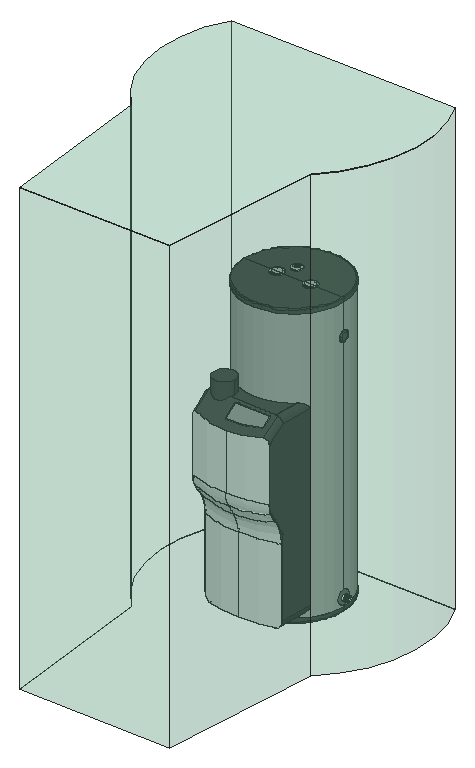
Revit family "Innovo BEFR_IR 32 245 BEFR LP", category Mechanical Equipment, Revit 2015
Parameters (values of type "IR-32-245 BEFR LP")
  largeur d'emballage = 786 mm  # constant formula
  l'Intervalle d'Entretien = "12 mois"  # constant formula
  Workspace Radius = Diameter + 170 mm  # 780 mm
  Workspace Height = Hauteur + 1000 mm  # 2745 mm
  Workspace Front Distance = 1000 mm
  Workspace [instance] = yes
  Valve Height 02 = if(and(Hauteur = 1745 mm, Diameter = 675 mm), 1518 mm, if(and(Hauteur = 1745 mm, Diameter = 610 mm), 1534 mm, if(Hauteur = 1545 mm, 1328 mm, 1070 mm)))  # 1534 mm
  Valve Height 01 = if(and(Diameter > 560 mm), 693 mm, 604 mm)  # 693 mm
  Valeur Maximale du Thermostat de Régulation = 85 °C  # constant formula
  Valeur Manimale du Thermostat de Régulation = 40 °C  # constant formula
  Valeur Défaut du Thermostat de Régulation = 65 °C  # constant formula
  URL = "www.aosmith.be"
  Type d'Installation = "B23/C13/C33/C43/C53/C63"  # constant formula
  Type d'emballage = "Carton et bois"  # constant formula
  Tension d'Alimentation (-15%, +10%) = 230 V  # constant formula
  Température Maximale des Fumées = 57 °C
  Temps de réchauffement à ΔT = 70°C = "49"
  Temps de réchauffement à ΔT = 55°C = "39"
  Temps de réchauffement à ΔT = 50°C = "35"
  Temps de réchauffement à ΔT = 44°C = "31"
  Temps de réchauffement à ΔT = 28°C = "20"
  Spécifications du Produit = ""
  Réglages du thermostat du chauffe-eau = 65 °C  # constant formula
  Réglage Standard Pour = "G31"
  Rendement Saisonnier (Hs) = [Rendement (Hs, acc. NEN-EN 89 - 1999)]  # 97
  Rendement (Hs, acc. NEN-EN 89 - 1999) = 97
  Rendement (Hi, acc. NEN-EN 89 - 1999) = 108
  Raccord Évacuation de la Condensation = 40 mm  # constant formula
  Raccord de la Soupape de Vidange = 1"
  Raccord de Sortie d'Eau Chaude = 1"
  Raccord de Gaz = 15"  # constant formula
  Raccord d'Alimentation en Eau Froide = 3/4"  # constant formula
  Raccord Robinet de Vidange = 3/4"  # constant formula
  Puissance Électrique Absorbée (sommet) = 105 W
  Puissance Électrique Absorbée (nominal) = 51 W
  Profondeur d'emballage = 946 mm  # constant formula
  Profondeur = 780 mm  # constant formula
  Profils de soutirage déclaré = "XXL"
  Production Nominale = "23300.0"
  Pression de Fonctionnement Maximale = 800000.0 Pa  # constant formula
  Pression Différentielle d'Ouverture de l'Interrupteur de Pression < = 210.0 Pa
  Pression Amont de Gaz = "3700 Pa"
  Precaustions during assembling, installation or maintenance = "voir Manuel d'installation, d'emploi er d'entretien"  # constant formula
  Poids à vide = 136 kg
  Poids de Transport = 153 kg
  Phase = 1
  Pertes en Veille - tous les jours (24h) = 0 W
  Pertes en Veille = 0 W
  Nombre de modèle du produit (EAN) = "8717449286200"
  Niveau du Son dB (A) = "<45"  # constant formula
  Niveau de puissance acoustique à l'intérieur = "53 dB"
  NOx-émissions mg/kWh = "33"
  NOx-émissions (ven air, 0% O2) ppm = "20"
  Modèdele = "IR-24-285"
  Model = "IR-24-285 FR LP"
  Marque commerciale = "A.O. Smith"  # constant formula
  Manufacturer = "A.O. Smith Water Products Company b.v."  # constant formula
  Largeur = Diameter  # 610 mm
  La commande intelligente = no
  L'efficacité énergétique pour le chauffage de l'eau (2) = "-"
  L'efficacité énergétique pour le chauffage de l'eau (1) = "91%"
  Hauteur du Raccordement au Gaz = 920 mm
  Hauteur de la Sortie d'eau Chaude = 1745 mm
  Hauteur de l'Alimentation en eau Froide = 170 mm
  Hauteur d'emballage = 1895 mm
  Hauteur Conduit d'Évacuation des Fumées = 1350 mm
  Hauteur Conduit d'Alimentation en Air = 1350 mm
  Hauteur = 1745 mm
  Guide de Produit = ""
  Garantie sur la Cuve = "36 mois"  # constant formula
  Garantie Pièces = "12 mois"  # constant formula
  Fréquence secteur = 50 Hz  # constant formula
  Forctionner qu'en heures creuses = no
  Fabricant No. = "E 7110"  # constant formula
  Epaisseur d'Isolation = 44 mm
  Débit de vidage à ΔT = 70°C après 90 min. = 630.0 L
  Débit de vidage à ΔT = 70°C après 60 min. = 490.0 L
  Débit de vidage à ΔT = 70°C après 30 min. = 340.0 L
  Débit de vidage à ΔT = 70°C après 120 min. = 780.0 L
  Débit de vidage à ΔT = 55°C après 90 min. = 830.0 L
  Débit de vidage à ΔT = 55°C après 60 min. = 650.0 L
  Débit de vidage à ΔT = 55°C après 30 min. = 460.0 L
  Débit de vidage à ΔT = 55°C après 120 min. = 1100.0 L
  Débit de vidage à ΔT = 50°C après 90 min. = 920.0 L
  Débit de vidage à ΔT = 50°C après 60 min. = 720.0 L
  Débit de vidage à ΔT = 50°C après 30 min. = 510.0 L
  Débit de vidage à ΔT = 50°C après 120 min. = 1200.0 L
  Débit de vidage à ΔT = 44°C après 90 min. = 1100.0 L
  Débit de vidage à ΔT = 44°C après 60 min. = 820.0 L
  Débit de vidage à ΔT = 44°C après 30 min. = 590.0 L
  Débit de vidage à ΔT = 44°C après 120 min. = 1300.0 L
  Débit de vidage à ΔT = 28°C après 90 min. = 1700.0 L
  Débit de vidage à ΔT = 28°C après 60 min. = 1400.0 L
  Débit de vidage à ΔT = 28°C après 30 min. = 960.0 L
  Débit de vidage à ΔT = 28°C après 120 min. = 2100.0 L
  Débit de vidage en Continu à ΔT = 70°C = 290.0 L/s
  Débit de vidage en Continu à ΔT = 55°C = 370.0 L/s
  Débit de vidage en Continu à ΔT = 50°C = 410.0 L/s
  Débit de vidage en Continu à ΔT = 44°C = 460.0 L/s
  Débit de vidage en Continu à ΔT = 28°C = 740.0 L/s
  Diamètre Cheminée - Système Parallèle = "2x80"  # constant formula
  Diamètre Cheminée - Système Concentrique = "80/125 mm/mm"  # constant formula
  Diamètre Cheminée - Boiler = "80/125 mm/mm"  # constant formula
  Diameter = 610 mm
  Destination / Country = "Belgique"  # constant formula
  Description = "Préparateur ECS Solaire en Combinaison avec Réservoir de Stockage"  # constant formula
  D'autres profils de soutirage = "-"
  Created By = "http://www.cadcompany.nl/"
  Consommation de Gaz - Volume ltr/hr = "a/p"
  Consommation de Gaz - Masse kg/h = "1.7"
  Class d'efficacité énergétique (2) = "-"
  Class d'efficacité énergétique (1) = "A"  # constant formula
  Charge Nominale (Valeur Supérieure) = "23900.0"
  Charge Nominale (Valeur Inférieure) = "22000.0"
  Charge Maximale au Sol = 438 kg
  Catégorie de Gaz = "I3P"
  Capacité = 285.0 L
  CO2 Émissions (tol. +/- 1.0) vol% = "10.0"
  CE-PIN = "0063CQ3037"  # constant formula
  BIM Content Developer = "CAD & Company"  # constant formula
  Assembly Code = "D3010"
  Annual fuel consumption (2) = "-"
  Annual fuel consumption (1) = "21 GJ GCV"
  Annual electricity consumption (2) = "-"
  Annual electricity consumption (1) = "45 kWh"
  2ème Entretien (Entretien Général) = "12 mois après l'installation"  # constant formula
  1er Entretien (check-up) = "3 mois après l'installation"  # constant formula
Reference planes
  plane 1 "Center (Front/Back)": y = 0
  plane 2: z = 0
  plane 3 "Center (Left/Right)": x = 0
  plane 4 "Pipe": through (-383.901, 912.349, 194.799) normal (-0.0879, -0.0879, 0.9923)
  plane 5 "footing": y = 118.925
  plane 6 "footing front": y = -237.85
  plane 7: x = -305
  plane 8: x = 305
  plane 9: z = 1745
Forms (mm)
  Revolve 1, solid, material "RAL 9005", detail levels medium+fine
    sketch origin (0, -237.85, 0) x (-1, 0, 0) y (0, 0, 1)
      loop
        line (0, 28.9) -> (-15, 28.9) -> (-15, 26.4) -> (-8.671, 26.4) -> (-8.671, 18) -> (-5.686, 18) -> (-6.626, 17.06) -> (-6.626, 12.06) -> (-8.671, 12.06) -> (-8.671, 10) -> (-10.031, 10) -> (-23.271, 5.181)
        arc (-23.271, 5.181) -> (-23.763, 4.836) -> (-24.017, 4.293) r 1.159
        line (-24.017, 4.293) -> (-24.017, 1.03)
        arc (-24.017, 1.03) -> (-23.715, 0.302) -> (-22.986, 0) r 1.03
        line (-22.986, 0) -> (0, 0) -> (0, 28.9)
      axis (0, 28.9) -> (0, 0)
    angle from 0 to 360
  Revolve 2, solid, material "RAL 9005", detail levels medium+fine
    sketch origin (0, 118.925, 0) x (-1, 0, 0) y (0, 0, 1)
      loop
        line (-205.984, 28.9) -> (-220.984, 28.9) -> (-220.984, 26.4) -> (-214.655, 26.4) -> (-214.655, 18) -> (-211.67, 18) -> (-212.61, 17.06) -> (-212.61, 12.06) -> (-214.655, 12.06) -> (-214.655, 10) -> (-216.015, 10) -> (-229.256, 5.181)
        arc (-229.256, 5.181) -> (-229.747, 4.836) -> (-230.001, 4.293) r 1.159
        line (-230.001, 4.293) -> (-230.001, 1.03)
        arc (-230.001, 1.03) -> (-229.699, 0.302) -> (-228.971, 0) r 1.03
        line (-228.971, 0) -> (-205.984, 0) -> (-205.984, 28.9)
      axis (-205.984, 28.9) -> (-205.984, 0)
    angle from 0 to 360
  Revolve 3, solid, material "RAL 9005", detail levels medium+fine
    sketch origin (0, 118.925, 0) x (-1, 0, 0) y (0, 0, 1)
      loop
        line (204.016, 28.9) -> (189.016, 28.9) -> (189.016, 26.4) -> (195.345, 26.4) -> (195.345, 18) -> (198.33, 18) -> (197.39, 17.06) -> (197.39, 12.06) -> (195.345, 12.06) -> (195.345, 10) -> (193.985, 10) -> (180.744, 5.181)
        arc (180.744, 5.181) -> (180.253, 4.836) -> (179.999, 4.293) r 1.159
        line (179.999, 4.293) -> (179.999, 1.03)
        arc (179.999, 1.03) -> (180.301, 0.302) -> (181.029, 0) r 1.03
        line (181.029, 0) -> (204.016, 0) -> (204.016, 28.9)
      axis (204.016, 28.9) -> (204.016, 0)
    angle from 0 to 360
Lines and regions (mm)
  symbolic lines
    curve 1: line (0, 280.06, 0) -> (0, -280.06, 0)
    curve 2: line (-280.06, 0, 0) -> (280.06, 0, 0)
  symbolic lines, style "Workspace"
    curve 3: line (681.142, 380.06, 0) -> (-681.142, 380.06, 0)
    curve 4: arc (-681.142, 380.06, 0) -> (-777.325, -64.546, 0) -> (-609.127, -487.2, 0) r 780
    curve 5: line (-609.127, -487.2, 0) -> (-421.783, -1517.825, 0)
    curve 6: line (-421.783, -1517.825, 0) -> (424.03, -1517.825, 0)
    curve 7: line (424.03, -1517.825, 0) -> (611.027, -484.816, 0)
    curve 8: arc (611.027, -484.816, 0) -> (777.449, -63.027, 0) -> (681.142, 380.06, 0) r 780
Dimensions and locks
  plane 5 "footing" to plane 1 "Center (Front/Back)" = 118.925 mm
  plane 1 "Center (Front/Back)" to plane 6 "footing front" = 237.85 mm
  "Diameter": plane 7 to plane 8
  equal spacing: plane 7, plane 3 "Center (Left/Right)", plane 8
  "Hauteur": plane 9 to plane 2
  "Workspace Front Distance": curve 6 to nested 3
  "Workspace Radius": radius of curve 4
  "Workspace Radius": radius of curve 8
  aligned and locked: level to plane 2
  aligned and locked: nested 3 to Revolve 1 sketch curve
  aligned and locked: plane 3 "Center (Left/Right)" to Revolve 1 sketch curve
  aligned and locked: nested 3 to plane 1 "Center (Front/Back)"
  aligned and locked: plane 3 "Center (Left/Right)" to nested 3
  aligned and locked: nested 1 to plane 8
  aligned and locked: nested 5 to plane 8
  aligned and locked: nested 2 to plane 7
  aligned and locked: nested 4 to plane 7
  aligned and locked: nested 7 to plane 7
  aligned and locked: nested 8 to plane 3 "Center (Left/Right)"
  aligned and locked: plane 1 "Center (Front/Back)" to nested 8
  aligned and locked: nested 8 to nested 3
  aligned and locked: curve 3 to nested 8
Automatic sketch dimensions
  Revolve 1 sketch curve to level = 0 mm
  plane 3 "Center (Left/Right)" to Revolve 1 sketch curve = 5.686 mm
  Revolve 1 sketch curve to Revolve 1 sketch curve = 0.94 mm  (x2)
  Revolve 1 sketch curve to Revolve 1 sketch curve = 2.046 mm  (x2)
  Revolve 1 sketch curve to Revolve 1 sketch curve = 1.359 mm
  Revolve 1 sketch curve to Revolve 1 sketch curve = 6.329 mm
  level to Revolve 1 sketch curve = 4.091 mm
  Revolve 1 sketch curve to Revolve 1 sketch curve = 12.844 mm
  level to Revolve 1 sketch curve = 1.03 mm
  Revolve 1 sketch curve to Revolve 1 sketch curve = 0.111 mm
  level to Revolve 1 sketch curve = 5.181 mm
  Revolve 1 sketch curve to Revolve 1 sketch curve = 0.745 mm
  level to Revolve 1 sketch curve = 10 mm
  Revolve 1 sketch curve to Revolve 1 sketch curve = 2.06 mm
  Revolve 1 sketch curve to Revolve 1 sketch curve = 5 mm
  Revolve 1 sketch curve to Revolve 1 sketch curve = 8.4 mm
  Revolve 1 sketch curve to Revolve 1 sketch curve = 2.5 mm
  Revolve 1 sketch curve to level = 19.635 mm
  Revolve 1 sketch curve to Revolve 1 sketch curve = 46.465 mm
  Revolve 2 sketch curve to level = 0 mm
  level to Revolve 2 sketch curve = 1.03 mm
  Revolve 2 sketch curve to plane 8 = 74.999 mm
  level to Revolve 2 sketch curve = 5.181 mm
  Revolve 2 sketch curve to Revolve 2 sketch curve = 0.745 mm
  Revolve 2 sketch curve to Revolve 2 sketch curve = 0.397 mm
  Revolve 2 sketch curve to Revolve 2 sketch curve = 8.271 mm
  Revolve 2 sketch curve to Revolve 2 sketch curve = 13.241 mm
  Revolve 2 sketch curve to Revolve 2 sketch curve = 1.359 mm
  Revolve 2 sketch curve to Revolve 2 sketch curve = 6.329 mm
  Revolve 2 sketch curve to Revolve 2 sketch curve = 2.046 mm
  level to Revolve 2 sketch curve = 18 mm
  Revolve 2 sketch curve to Revolve 2 sketch curve = 0.94 mm  (x2)
  Revolve 2 sketch curve to Revolve 2 sketch curve = 8.671 mm
  Revolve 2 sketch curve to Revolve 2 sketch curve = 1.089 mm
  Revolve 2 sketch curve to Revolve 2 sketch curve = 8 mm
  Revolve 2 sketch curve to Revolve 2 sketch curve = 2.06 mm
  Revolve 2 sketch curve to Revolve 2 sketch curve = 8.4 mm
  Revolve 2 sketch curve to Revolve 2 sketch curve = 2.5 mm
  Revolve 2 sketch curve to Revolve 2 sketch curve = 0 mm
  Revolve 2 sketch curve to level = 19.635 mm
  Revolve 2 sketch curve to Revolve 2 sketch curve = 46.465 mm
  Revolve 3 sketch curve to level = 0 mm
  level to Revolve 3 sketch curve = 1.03 mm
  Revolve 3 sketch curve to plane 7 = 125.001 mm
  level to Revolve 3 sketch curve = 5.181 mm
  Revolve 3 sketch curve to Revolve 3 sketch curve = 0.745 mm
  Revolve 3 sketch curve to Revolve 3 sketch curve = 0.397 mm
  Revolve 3 sketch curve to Revolve 3 sketch curve = 8.271 mm
  Revolve 3 sketch curve to Revolve 3 sketch curve = 13.241 mm
  Revolve 3 sketch curve to Revolve 3 sketch curve = 1.359 mm
  Revolve 3 sketch curve to Revolve 3 sketch curve = 6.329 mm
  Revolve 3 sketch curve to Revolve 3 sketch curve = 2.046 mm
  level to Revolve 3 sketch curve = 18 mm
  Revolve 3 sketch curve to Revolve 3 sketch curve = 0.94 mm  (x2)
  Revolve 3 sketch curve to Revolve 3 sketch curve = 8.671 mm
  Revolve 3 sketch curve to Revolve 3 sketch curve = 1.089 mm
  Revolve 3 sketch curve to Revolve 3 sketch curve = 8 mm
  Revolve 3 sketch curve to Revolve 3 sketch curve = 2.06 mm
  Revolve 3 sketch curve to Revolve 3 sketch curve = 8.4 mm
  Revolve 3 sketch curve to Revolve 3 sketch curve = 2.5 mm
  Revolve 3 sketch curve to Revolve 3 sketch curve = 0 mm
  Revolve 3 sketch curve to level = 19.635 mm
  Revolve 3 sketch curve to Revolve 3 sketch curve = 46.465 mm
  curve 4 to curve 8 = 0 mm  (x2)
  plane 1 "Center (Front/Back)" to curve 2 = 0 mm
  curve 1 to plane 3 "Center (Left/Right)" = 0 mm
  plane 1 "Center (Front/Back)" to curve 4 = 0 mm
  curve 4 to plane 3 "Center (Left/Right)" = 0 mm
  curve 5 to plane 6 "footing front" = 249.35 mm
  plane 7 to curve 5 = 116.783 mm
  plane 8 to curve 7 = 119.03 mm
  curve 7 to plane 6 "footing front" = 246.966 mm
  curve 2 to plane 7 = 24.94 mm
  curve 2 to plane 8 = 24.94 mm
  curve 1 to plane 6 "footing front" = 42.21 mm
  plane 5 "footing" to curve 1 = 161.135 mm
Nested families
  nested 1: "Valve" at (305, -0.38, 1534) x (0, 1, 0) z (0, 0, 1), built-in parameter 1001364 <- "Valve Height 02", type "Valve"
  nested 2: "Drain Valve" at (-305, 0, 1534), built-in parameter 1001364 <- "Valve Height 02", type "Drain Valve"
  nested 3: "Housing Mother Housing S 57 (external)" at (0, -299.886, 0), type "Housing Mother_Housing S_57"
    with radius 305 mm, distance to boiler center 154 mm, diameter 610 mm
  nested 4: "Drain Valve" at (-305, 0, 177), type "Drain Valve"
  nested 5: "Drain Valve" at (305, 0, 107) x (-1, 0, 0) z (0, 0, 1), type "Drain Valve"
  nested 6: "Boiler" at (0, 0, 0), height <- "Hauteur", type "Boiler"
    with height 1745 mm, radius 305 mm, Diameter 610 mm
  nested 7: "Drain Valve" at (-305, 0, 693), built-in parameter 1001364 <- "Valve Height 01", type "Drain Valve"
  nested 8: "Innovo_workspace" at (0, 0, 0), Workspace <- "Workspace", Workspace Distance Front <- "Workspace Front Distance", Workspace Height <- "Workspace Height", Workspace Radius <- "Workspace Radius", type "Workspace"
    with Workspace Radius 780 mm, Workspace Height 2745 mm, Workspace Distance Front 1000 mm, Workspace yes, Center to Front 517.825 mm
Connectors
  piping at (339.826, 0, 107), diameter 19.05, driven by "Raccord Robinet de Vidange"
    settings: on nested 5, index 1, connector inside diameter 24", connector length 0 mm, flow factor 0, pipe flow 0.0 L/s, pressure drop 0.0 Pa, fitting loss kfactor 0, connector angle 0.00°, fixture units 0, engagement length 0 mm, angle of deflection 0.00°, flow configuration 0, flow direction 0, fitting loss method 0, system type 19, joint type 0, gender type 0, connector reference index -1, connector utility 0, adjustable connector no, is connector primary yes, connector description ""
  hvac at (-147.013, -346.326, 1310.674)
    settings: on nested 3, index 2, duct flow 0.0 L/s, flow factor 0, pres drop 0.0 Pa, loss coef 0, conn angle 0.00°, conn width 304.8 mm, conn height 304.8 mm, conn diameter 125 mm, duct sys type 4, conn prof type 0, flow config 0, flow direction 0, loss method 0, conn ref index -1, conn util no, is conn primary yes, conn desc ""
Definition of nested family "Valve"
  Parameters (values of type "Valve")
    Type Comments = "T&P valve (internal)"
    Manufacturer = "A.O. Smith"
  Reference planes
    plane 1 "Center (Front/Back)": y = 0
    plane 2: z = 0
    plane 3 "Center (Left/Right)": x = 0
  Forms (mm)
    Extrusion 1, solid, detail levels fine
      sketch origin (0, 0, 0) x (1, 0, 0) y (0, 0, 1)
        loop
          circle (0, 0) r 31.5
      from -2.271 to 1.4
    Sweep 2, solid, detail levels fine
      path origin (0, -1.4, 0) x (1, 0, 0) y (0, 0, 1)
        loop
          circle (0, 0) r 31.5
      profile origin (0, -1.4, 31.5) x (0, 0, -1) y (0, -1, 0)
        loop
          line (7.3, 0) -> (7.3, 3) -> (0, 0) -> (7.3, 0)
  Dimensions and locks
    aligned and locked: level to plane 2
Definition of nested family "Drain Valve"
  Reference planes
    plane 1 "Center (Front/Back)": y = 0
    plane 2: z = 0
    plane 3 "Center (Left/Right)": x = 0
  Forms (mm)
    Revolve 1, solid, detail levels medium+fine
      sketch origin (0, 0, 0) x (1, 0, 0) y (0, 0, 1)
        loop
          line (-33.442, 15.696) -> (-34.826, 14.329) -> (-34.93, 12.731) -> (-16.555, 12.731) -> (-16.555, 0) -> (15.787, 0) -> (15.787, 18.3) -> (-14.4, 18.3) -> (-17.148, 15.533) -> (-18.729, 16.697) -> (-20.091, 15.333) -> (-21.672, 16.496) -> (-23.034, 15.133) -> (-24.614, 16.296) -> (-25.976, 14.932) -> (-27.557, 16.096) -> (-28.919, 14.732) -> (-30.5, 15.896) -> (-31.862, 14.532) -> (-33.442, 15.696)
        axis (-34.93, 0) -> (15.787, 0)
      angle from 0 to 360
  Dimensions and locks
    aligned and locked: level to plane 2
  Nested families
    nested 1: "Rubber sealing" at (2.592, -0.155, 0) x (0.0023, -1, 0) z (0, 0, 1), type "Rubber sealing", detail levels fine
  Definition of nested family "Rubber sealing"
    Reference planes
      plane 1 "Center (Front/Back)": y = 0
      plane 2: z = 0
      plane 3 "Center (Left/Right)": x = 0
    Forms (mm)
      Extrusion 1, solid, detail levels fine
        sketch origin (141.861, 319.581, 0) x (1, 0, 0) y (0, 1, 0)
          loop
            line (-216.354, -311.898) -> (-216.354, -313.94)
            arc (-216.354, -313.94) -> (-141.602, -321.581) -> (-66.861, -313.835) r 366.966
            line (-66.861, -313.835) -> (-66.861, -311.791)
            arc (-66.861, -311.791) -> (-141.602, -319.581) -> (-216.354, -311.898) r 364.966
        from -80 to 80
      Extrusion 2, void
        sketch origin (141.861, 319.581, 0) x (1, 0, 0) y (0, 0, 1)
          loop
            circle (-141.861, 0) r 13
          loop
            circle (-141.861, 0) r 110
          loop
            circle (-141.861, 0) r 40
        from 311.563 to 332.684
      Extrusion 3, void
        sketch origin (141.861, 319.581, 0) x (1, 0, 0) y (0, 0, 1)
          loop
            circle (-141.861, 0) r 18.25
        from 315.524 to 326.084
    Cuts and joins
      Extrusion 2, Extrusion 3 cuts Extrusion 1
    Dimensions and locks
      aligned and locked: level to plane 2
Definition of nested family "Housing Mother Housing S 57 (external)"
  Parameters (values of type "Housing Mother_Housing S_57")
    radius [instance] = 280 mm
    distance to boiler center = if(diameter = 675 mm, 189 mm, if(diameter = 610 mm, 154 mm, 129 mm))  # 129 mm
    diameter = 560 mm
  Reference planes
    plane 1 "Center (Front/Back)": y = 0
    plane 2: z = 0
    plane 3 "Center (Left/Right)": x = 0
    plane 4 "left": through (-245.286, 145.886, 1200) normal (0.9994, 0.0349, 0)
    plane 5: y = -217.939
    plane 6: y = 145.886
    plane 7: z = 1232.6
    plane 8: z = 65.89
    plane 9 "right": through (245.286, 145.886, 1200) normal (0.9994, -0.0349, 0)
    plane 10 "display": through (0, -90.37, 1221.196) normal (0, -0.5736, 0.8192)
    plane 11 "Potentiostat": z = 867.899
    plane 12 "boiler center": y = 274.886
    plane 13: x = -280
    plane 14: x = 280
  Forms (mm)
    Extrusion 1, solid
      sketch origin (0, 0, 0) x (1, 0, 0) y (0, 1, 0)
        loop
          line (-245.286, 145.886) -> (-232.581, -217.939) -> (232.581, -217.939) -> (245.286, 145.886)
          arc (245.286, 145.886) -> (0, 0.923) -> (-245.286, 145.886) r 280
      from 0 to 1232.6
    Sweep 2, void
      path origin (0, 0, 0) x (0, 1, 0) y (0, 0, 1)
        loop
          line (-217.939, 1232.6) -> (-217.939, 795.555)
          arc (-217.939, 795.555) -> (-212.387, 754.285) -> (-197.694, 715.322) r 183.924
          arc (-197.694, 715.322) -> (-179.915, 684.628) -> (-159.106, 655.901) r 348.284
          arc (-159.106, 655.901) -> (-131.411, 600.328) -> (-121.88, 538.973) r 202.254
          line (-121.88, 538.973) -> (-121.88, 61.106)
      profile origin (0, -217.939, 1014.077) x (1, 0, 0) y (0, 1, 0)
        loop
          arc (0, 0) -> (-117.533, 9.941) -> (-231.728, 39.475) r 699.984
          arc (-231.728, 39.475) -> (-233.391, 40.705) -> (-234.07, 42.659) r 3.505
          line (-234.07, 42.659) -> (-254.062, 42.659) -> (-254.062, -142.593) -> (254.07, -142.593) -> (254.07, 42.659) -> (234.07, 42.659)
          arc (234.07, 42.659) -> (233.391, 40.705) -> (231.728, 39.475) r 3.505
          arc (231.728, 39.475) -> (117.533, 9.941) -> (0, 0) r 699.984
    Extrusion 3, void
      sketch origin (0, 0, 0) x (0, 1, 0) y (0, 0, 1)
        loop
          arc (102.864, 70.869) -> (99.804, 70.709) -> (96.874, 69.813) r 12.57
          arc (96.874, 69.813) -> (87.878, 66.533) -> (78.516, 64.529) r 69.114
          arc (78.516, 64.529) -> (76.41, 64.284) -> (74.294, 64.148) r 41.206
          arc (74.294, 64.148) -> (65.203, 64.335) -> (56.122, 64.782) r 318.661
          arc (56.122, 64.782) -> (30.585, 66.179) -> (5.028, 67.128) r 1456.581
          line (5.028, 67.128) -> (-84.534, 73.135)
          arc (-84.534, 73.135) -> (-86.363, 73.808) -> (-87.536, 75.365) r 3.455
          line (-87.536, 75.365) -> (-264.473, 75.365) -> (-264.473, 0) -> (160.886, 0) -> (160.886, 103.945) -> (145.886, 103.945)
          arc (145.886, 103.945) -> (145.104, 97.827) -> (142.923, 92.059) r 26.364
          arc (142.923, 92.059) -> (141.067, 88.936) -> (138.867, 86.045) r 31.715
          arc (138.867, 86.045) -> (135.576, 82.49) -> (132.021, 79.2) r 62.615
          arc (132.021, 79.2) -> (125.841, 74.697) -> (119.091, 71.103) r 54.444
          arc (119.091, 71.103) -> (116.371, 70.272) -> (113.531, 70.123) r 11.669
          line (113.531, 70.123) -> (102.864, 70.869)
      from -254.062 to 254.07
    Sweep 4, void
      path origin (0, 0, 0) x (1, 0, 0) y (0, 1, 0)
        loop
          line (-245.286, 145.886) -> (-232.581, -217.939)
      profile origin (-238.933, -36.027, 0) x (0.999391, 0.034899, 0) y (0, 0, 1)
        loop
          line (-4.454, 0) -> (47.084, 0) -> (47.084, 73.431)
          arc (47.084, 73.431) -> (14.222, 85.134) -> (0.255, 117.1) r 43.922
          line (0.255, 117.1) -> (-4.454, 117.1) -> (-4.454, 0)
    Sweep 5, void
      path origin (0, 0, 0) x (-1, 0, 0) y (0, 1, 0)
        loop
          line (-245.286, 145.886) -> (-232.581, -217.939)
      profile origin (238.933, -36.027, 0) x (0.999391, -0.034899, 0) y (0, 0, 1)
        loop
          line (4.454, 0) -> (4.454, 117.1) -> (-0.255, 117.1)
          arc (-0.255, 117.1) -> (-14.222, 85.134) -> (-47.084, 73.431) r 43.922
          line (-47.084, 73.431) -> (-47.084, 0) -> (4.454, 0)
    Sweep 6, void
      path origin (-239.899, -8.377, 0) x (-0.034899, 0.999391, 0) y (0, 0, 1)
        loop
          line (-209.69, 1141.272) -> (-79.18, 1232.6) -> (154.358, 1232.6)
      profile origin (-241.211, 29.188, 1232.6) x (0, 0, 1) y (0.999391, 0.034899, 0)
        loop
          line (-45, -30) -> (75, -30) -> (75, 0) -> (75, 55) -> (2.799, 55) -> (-1.253, 35.128)
          arc (-1.253, 35.128) -> (-16.771, 9.564) -> (-45, -0.308) r 44.287
          line (-45, -0.308) -> (-45, -30)
    Sweep 7, void
      path origin (239.899, -8.377, 0) x (0.034899, 0.999391, 0) y (0, 0, 1)
        loop
          line (-209.69, 1141.272) -> (-79.18, 1232.6) -> (154.358, 1232.6)
      profile origin (241.211, 29.188, 1232.6) x (0, 0, -1) y (-0.999391, 0.034899, 0)
        loop
          line (-75, -25) -> (45, -25) -> (45, -0.308)
          arc (45, -0.308) -> (16.771, 9.564) -> (1.253, 35.128) r 44.287
          line (1.253, 35.128) -> (-2.799, 55) -> (-75, 55) -> (-75, -25)
    Extrusion 8, void
      sketch origin (0, 0, 0) x (0, 1, 0) y (0, 0, 1)
        loop
          line (-270, 1336.099) -> (-270, 1099.081) -> (68.497, 1336.099) -> (-270, 1336.099)
      from -425.038 to 444.42
    Extrusion 9, solid, detail levels medium+fine
      sketch origin (0, 0, 0) x (1, 0, 0) y (0, 1, 0)
        loop
          circle (-147.013, -46.44) r 65
      from 1163.174 to 1310.674
    Extrusion 10, void
      sketch origin (0, -603.506, 861.895) x (0, 0.819152, 0.573576) y (-1, 0, 0)
        loop
          arc (618.322, -173) -> (623.272, -170.95) -> (625.322, -166) r 7
          line (625.322, -166) -> (625.322, 35)
          arc (625.322, 35) -> (623.272, 39.95) -> (618.322, 42) r 7
          line (618.322, 42) -> (535.473, 42)
          arc (535.473, 42) -> (530.688, 40.11) -> (528.488, 35.46) r 7
          arc (528.488, 35.46) -> (531.569, -67.592) -> (554.18, -168.18) r 540
          arc (554.18, -168.18) -> (556.724, -171.668) -> (560.831, -173) r 7
          line (560.831, -173) -> (618.322, -173)
      from 0 to 137.286
    Sweep 11, solid, detail levels fine
      path origin (0, 0, 867.899) x (-1, 0, 0) y (0, -1, 0)
        loop
          line (309.749, -35.617) -> (204.371, -35.617)
          arc (204.371, -35.617) -> (196.509, -34.687) -> (189.082, -31.947) r 33.677
          line (189.082, -31.947) -> (-9.574, 69.274)
      profile origin (-257.06, 35.617, 867.899) x (0, 1, 0) y (0, 0, 1)
        loop
          circle (0, 0) r 7.316
        loop
          circle (0, 0) r 6.465
    Revolve 12, void
      sketch origin (0, 274.886, 0) x (-1, 0, 0) y (0, 0, 1)
        loop
          line (280, 1243.838) -> (0, 1243.838) -> (0, 54.9) -> (280, 54.9) -> (280, 1243.838)
        axis (0, 1243.838) -> (0, 54.9)
      angle from 0 to 360
  Cuts and joins
    Sweep 2, Extrusion 3, Sweep 4, Sweep 5, Sweep 6, Sweep 7, Extrusion 8, Extrusion 10, Revolve 12 cuts Extrusion 1
  Dimensions and locks
    plane 8 to plane 2 = 65.89 mm
    plane 7 to plane 8 = 1166.71 mm
    "distance to boiler center": plane 12 "boiler center" to plane 6
    "diameter": plane 14 to plane 13
    equal spacing: plane 14, plane 3 "Center (Left/Right)", plane 13
    "radius": plane 3 "Center (Left/Right)" to plane 13
    aligned and locked: level to plane 2
    aligned and locked: Extrusion 1 to plane 7
    aligned and locked: Extrusion 1 sketch curve to plane 5
    aligned and locked: Sweep 2 to Extrusion 3
    aligned and locked: Extrusion 3 to Sweep 2  (x2)
    aligned and locked: plane 7 to Sweep 2 sketch curve
    aligned and locked: plane 3 "Center (Left/Right)" to Revolve 12 sketch curve
    aligned and locked: Revolve 12 sketch curve to plane 3 "Center (Left/Right)"
    aligned and locked: plane 13 to Revolve 12 sketch curve
  Automatic sketch dimensions
    Extrusion 1 sketch curve to plane 4 "left" = 0 mm  (x2)
    Extrusion 1 sketch curve to plane 6 = 0 mm  (x2)
    Extrusion 1 sketch curve to plane 3 "Center (Left/Right)" = 0 mm
    Extrusion 1 sketch curve to plane 9 "right" = 0 mm
    plane 6 to Extrusion 1 sketch curve = 135.037 mm
    Sweep 2 sketch curve to plane 5 = 0 mm
    plane 5 to Sweep 2 sketch curve = 106.195 mm
    Sweep 2 sketch curve to plane 5 = 96.059 mm
    plane 1 "Center (Front/Back)" to Sweep 2 sketch curve = 34.053 mm
    plane 11 "Potentiostat" to Sweep 2 sketch curve = 6.417 mm
    Sweep 2 sketch curve to plane 6 = 33.705 mm
    Sweep 2 sketch curve to plane 11 "Potentiostat" = 68.615 mm
    Sweep 2 sketch curve to plane 11 "Potentiostat" = 72.345 mm
    Sweep 2 sketch curve to Sweep 2 sketch curve = 176.349 mm
    Sweep 2 sketch curve to Sweep 2 sketch curve = 0 mm  (x2)
    plane 8 to Sweep 2 sketch curve = 4.784 mm
    Extrusion 3 sketch curve to level = 0 mm
    Extrusion 3 sketch curve to plane 6 = 0 mm
    Extrusion 3 sketch curve to plane 6 = 26.363 mm
    Extrusion 3 sketch curve to Extrusion 3 sketch curve = 4.75 mm
    Extrusion 3 sketch curve to Extrusion 3 sketch curve = 5.179 mm
    Extrusion 3 sketch curve to plane 8 = 4.232 mm
    Extrusion 3 sketch curve to Extrusion 3 sketch curve = 0.814 mm
    Extrusion 3 sketch curve to plane 8 = 4.978 mm
    Extrusion 3 sketch curve to Extrusion 3 sketch curve = 10.667 mm
    Extrusion 3 sketch curve to Extrusion 3 sketch curve = 0.877 mm
    Extrusion 3 sketch curve to Extrusion 3 sketch curve = 17.827 mm
    Extrusion 3 sketch curve to Extrusion 3 sketch curve = 5.646 mm
    Extrusion 3 sketch curve to plane 6 = 69.562 mm
    Extrusion 3 sketch curve to Extrusion 3 sketch curve = 18.6 mm
    Extrusion 3 sketch curve to Extrusion 3 sketch curve = 22.538 mm
    Extrusion 3 sketch curve to plane 8 = 1.238 mm
    Extrusion 3 sketch curve to plane 1 "Center (Front/Back)" = 5.028 mm
    plane 1 "Center (Front/Back)" to Extrusion 3 sketch curve = 36.224 mm
    Extrusion 3 sketch curve to plane 8 = 10.692 mm
    plane 1 "Center (Front/Back)" to Extrusion 3 sketch curve = 84.302 mm
    Extrusion 3 sketch curve to plane 8 = 7.244 mm
    Extrusion 3 sketch curve to Extrusion 3 sketch curve = 0.231 mm
    Extrusion 3 sketch curve to Extrusion 3 sketch curve = 3.234 mm
    plane 5 to Extrusion 3 sketch curve = 46.534 mm
    plane 6 to Extrusion 3 sketch curve = 15 mm
    Extrusion 3 sketch curve to level = 1388.869 mm
    plane 8 to Extrusion 3 sketch curve = 7.561 mm
    Extrusion 3 sketch curve to Extrusion 3 sketch curve = 11.64 mm
    Extrusion 3 sketch curve to plane 8 = 38.054 mm
    Extrusion 3 sketch curve to Extrusion 3 sketch curve = 22.442 mm
    Extrusion 3 sketch curve to plane 8 = 39.432 mm
    Extrusion 3 sketch curve to Extrusion 3 sketch curve = 2.466 mm
    Extrusion 3 sketch curve to Extrusion 3 sketch curve = 14.17 mm
    Extrusion 3 sketch curve to Extrusion 3 sketch curve = 5.925 mm
    Extrusion 3 sketch curve to Extrusion 3 sketch curve = 6.186 mm
    Extrusion 3 sketch curve to Extrusion 3 sketch curve = 249.85 mm
    Extrusion 3 sketch curve to Extrusion 3 sketch curve = 0 mm  (x4)
    Extrusion 3 sketch curve to Extrusion 3 sketch curve = 6.845 mm
    plane 8 to Extrusion 3 sketch curve = 1.743 mm
    Sweep 4 sketch curve to plane 4 "left" = 0 mm  (x2)
    Sweep 4 sketch curve to plane 6 = 0 mm
    plane 5 to Sweep 4 sketch curve = 0 mm
    Sweep 4 sketch curve to level = 0 mm
    profile plane to Sweep 4 sketch curve = 4.454 mm
    Sweep 4 sketch curve to profile plane = 0.255 mm
    Sweep 4 sketch curve to Sweep 4 sketch curve = 43.922 mm
    Sweep 4 sketch curve to profile plane = 47.084 mm
    level to Sweep 4 sketch curve = 73.431 mm
    Sweep 4 sketch curve to Sweep 4 sketch curve = 43.669 mm
    Sweep 5 sketch curve to plane 6 = 0 mm
    Sweep 5 sketch curve to plane 9 "right" = 0 mm  (x2)
    plane 5 to Sweep 5 sketch curve = 0 mm
    Sweep 5 sketch curve to level = 0 mm
    profile plane to Sweep 5 sketch curve = 47.084 mm
    Sweep 5 sketch curve to Sweep 5 sketch curve = 2.907 mm
    profile plane to Sweep 5 sketch curve = 0.255 mm
    Sweep 5 sketch curve to profile plane = 4.454 mm
    level to Sweep 5 sketch curve = 73.431 mm
    Sweep 5 sketch curve to Sweep 5 sketch curve = 43.669 mm
    Sweep 6 sketch curve to plane 7 = 0 mm
    plane 7 to Sweep 6 sketch curve = 91.328 mm
    Sweep 6 sketch curve to Sweep 6 sketch curve = 130.509 mm
    Sweep 6 sketch curve to Sweep 6 sketch curve = 233.538 mm
    Sweep 6 sketch curve to plane 4 "left" = 0 mm
    profile plane to Sweep 6 sketch curve = 45 mm
    Sweep 6 sketch curve to Sweep 6 sketch curve = 0.354 mm
    profile plane to Sweep 6 sketch curve = 1.253 mm
    Sweep 6 sketch curve to profile plane = 2.799 mm
    Sweep 6 sketch curve to Sweep 6 sketch curve = 72.201 mm
    Sweep 6 sketch curve to plane 4 "left" = 0.308 mm
    Sweep 6 sketch curve to Sweep 6 sketch curve = 29.692 mm
    plane 4 "left" to Sweep 6 sketch curve = 35.128 mm
    plane 4 "left" to Sweep 6 sketch curve = 55 mm
    Sweep 7 sketch curve to plane 7 = 0 mm
    Sweep 7 sketch curve to plane 7 = 91.328 mm
    Sweep 7 sketch curve to Sweep 7 sketch curve = 130.509 mm
    Sweep 7 sketch curve to Sweep 7 sketch curve = 233.538 mm
    Sweep 7 sketch curve to plane 9 "right" = 25 mm
    profile plane to Sweep 7 sketch curve = 75 mm
    profile plane to Sweep 7 sketch curve = 2.799 mm
    Sweep 7 sketch curve to profile plane = 1.253 mm
    Sweep 7 sketch curve to Sweep 7 sketch curve = 43.393 mm
    Sweep 7 sketch curve to profile plane = 45 mm
    Sweep 7 sketch curve to plane 9 "right" = 0.308 mm
    plane 9 "right" to Sweep 7 sketch curve = 35.128 mm
    Sweep 7 sketch curve to Sweep 7 sketch curve = 19.872 mm
    plane 5 to Extrusion 8 sketch curve = 52.061 mm
    Extrusion 8 sketch curve to plane 1 "Center (Front/Back)" = 68.497 mm
    plane 7 to Extrusion 8 sketch curve = 133.519 mm
    Extrusion 8 sketch curve to plane 7 = 103.499 mm
    plane 1 "Center (Front/Back)" to Extrusion 9 sketch curve = 46.44 mm
    Extrusion 9 sketch curve to plane 3 "Center (Left/Right)" = 147.013 mm
    Extrusion 10 sketch curve to plane 3 "Center (Left/Right)" = 0 mm
    Extrusion 10 sketch curve to plane 3 "Center (Left/Right)" = 35 mm
    Extrusion 10 sketch curve to Extrusion 10 sketch curve = 25.359 mm
    Extrusion 10 sketch curve to Extrusion 10 sketch curve = 57.491 mm
    Extrusion 10 sketch curve to plane 3 "Center (Left/Right)" = 42 mm
    Extrusion 10 sketch curve to Extrusion 10 sketch curve = 82.85 mm
    Extrusion 10 sketch curve to Extrusion 10 sketch curve = 7 mm
    Extrusion 10 sketch curve to Extrusion 10 sketch curve = 442 mm
    plane 3 "Center (Left/Right)" to Extrusion 10 sketch curve = 166 mm
    Extrusion 10 sketch curve to Extrusion 10 sketch curve = 0 mm  (x2)
    Sweep 11 sketch curve to plane 1 "Center (Front/Back)" = 31.947 mm
    Sweep 11 sketch curve to plane 3 "Center (Left/Right)" = 189.082 mm
    Sweep 11 sketch curve to plane 1 "Center (Front/Back)" = 1.94 mm
    Sweep 11 sketch curve to Sweep 11 sketch curve = 15.289 mm
    plane 3 "Center (Left/Right)" to Sweep 11 sketch curve = 9.574 mm
    Sweep 11 sketch curve to Sweep 11 sketch curve = 105.378 mm
    plane 1 "Center (Front/Back)" to Sweep 11 sketch curve = 69.274 mm
    Sweep 11 sketch curve to Sweep 11 sketch curve = 0 mm  (x2)
    Sweep 11 sketch curve to plane 11 "Potentiostat" = 0 mm
    Sweep 11 sketch curve to profile plane = 0 mm
    plane 8 to Revolve 12 sketch curve = 10.99 mm
    Revolve 12 sketch curve to plane 7 = 11.238 mm
    Revolve 12 sketch curve to level = 366.045 mm
    Revolve 12 sketch curve to Revolve 12 sketch curve = 971.917 mm
    Sweep 2 sketch curve to plane 3 "Center (Left/Right)" = 0 mm
    profile plane to Sweep 2 sketch curve = 0 mm
    Sweep 2 sketch curve to plane 3 "Center (Left/Right)" = 0.016 mm
    Sweep 2 sketch curve to profile plane = 42.782 mm  (x2)
    Sweep 2 sketch curve to plane 3 "Center (Left/Right)" = 230.568 mm
    plane 3 "Center (Left/Right)" to Sweep 2 sketch curve = 0.016 mm
    plane 3 "Center (Left/Right)" to Sweep 2 sketch curve = 230.568 mm
    Sweep 2 sketch curve to Sweep 2 sketch curve = 3.502 mm  (x2)
    Sweep 2 sketch curve to Sweep 2 sketch curve = 20 mm
    profile plane to Sweep 2 sketch curve = 142.593 mm
    Sweep 2 sketch curve to Sweep 2 sketch curve = 0.122 mm  (x2)
    Sweep 2 sketch curve to Sweep 2 sketch curve = 657.203 mm
    Sweep 2 sketch curve to Sweep 2 sketch curve = 19.991 mm
    radius of Extrusion 9 sketch curve = 65 mm
    radius of Sweep 11 sketch curve = 7.316 mm
    radius of Sweep 11 sketch curve = 6.465 mm
  Nested families
    nested 1: "display" at (65.5, -130.939, 1192.79) x (-1, 0, 0) z (0, -0.5736, 0.8192), type "display"
  Definition of nested family "display"
    Parameters (values of type "display")
      Default Elevation = 1219.2 mm
    Reference planes
      plane 1 "Center (Front/Back)": y = 0
      plane 2: z = 0
      plane 3 "Center (Left/Right)": x = 0
    Forms (mm)
      Extrusion 1, solid, detail levels medium+fine
        sketch origin (-16.958, 11.842, -343.878) x (1, 0, 0) y (0, 0, -1)
          loop
            line (-233.523, -343.878) -> (-233.523, -346.592) -> (332.686, -346.592) -> (332.686, -343.878) -> (-233.523, -343.878)
        from -228.7 to 150.822
      Extrusion 2, void
        sketch origin (-16.958, 6.842, -343.878) x (1, 0, 0) y (0, 1, 0)
          loop
            line (-233.523, 155.822) -> (-233.523, -223.7) -> (332.686, -223.7) -> (332.686, 155.822) -> (-233.523, 155.822)
          loop
            arc (-90.542, -48.267) -> (-88.492, -53.216) -> (-83.542, -55.267) r 7
            line (-83.542, -55.267) -> (117.458, -55.267)
            arc (117.458, -55.267) -> (122.408, -53.216) -> (124.458, -48.267) r 7
            line (124.458, -48.267) -> (124.458, 34.583)
            arc (124.458, 34.583) -> (122.568, 39.368) -> (117.918, 41.568) r 7
            arc (117.918, 41.568) -> (14.866, 38.487) -> (-85.722, 15.876) r 540
            arc (-85.722, 15.876) -> (-89.21, 13.332) -> (-90.542, 9.224) r 7
            line (-90.542, 9.224) -> (-90.542, -48.267)
        from 328.878 to 363.083
    Cuts and joins
      Extrusion 2 cuts Extrusion 1
    Dimensions and locks
      aligned and locked: level to plane 2
Definition of nested family "Boiler"
  Parameters (values of type "Boiler")
    radius [instance] = 280 mm
    height [instance] = 1270 mm
    Diameter = 560 mm
  Reference planes
    plane 1 "Center (Front/Back)": y = 0
    plane 2: z = 0
    plane 3 "Center (Left/Right)": x = 0
    plane 4: z = 1243.838
    plane 5: z = 1270
    plane 6 "bottom": z = 28.9
    plane 7: z = 54.9
    plane 8 "top controle": y = 88
    plane 9: x = -280
    plane 10: x = 280
  Forms (mm)
    Revolve 1, solid
      sketch origin (0, 0, 0) x (1, 0, 0) y (0, 0, 1)
        loop
          line (0, 54.9) -> (-280, 54.9) -> (-280, 32.9)
          arc (-280, 32.9) -> (-278.828, 30.072) -> (-276, 28.9) r 4
          line (-276, 28.9) -> (0, 28.9) -> (0, 54.9)
        axis (0, 28.9) -> (0, 54.9)
      angle from 0 to 360
    Revolve 2, solid
      sketch origin (1.311, 0, 0) x (1, 0, 0) y (0, 0, 1)
        loop
          line (-278.86, 1243.838) -> (-278.86, 54.9) -> (-1.311, 54.9) -> (-1.311, 1243.838) -> (-278.86, 1243.838)
        axis (-1.311, 1243.838) -> (-1.311, 54.9)
      angle from 0 to 360
    Revolve 3, solid
      sketch origin (-9.205, 0, 377.212) x (-1, 0, 0) y (0, 0, 1)
        loop
          line (-148.904, 892.788) -> (-110.805, 892.788) -> (-110.805, 895.963) -> (-141.883, 895.963) -> (-148.904, 893.62) -> (-148.904, 892.788)
        axis (-110.805, 892.788) -> (-110.805, 895.963)
      angle from 0 to 360
    Revolve 4, solid
      sketch origin (0, 0, 718.065) x (1, 0, 0) y (0, 0, -1)
        loop
          line (0, -525.773) -> (-280, -525.773) -> (-280, -547.935)
          arc (-280, -547.935) -> (-278.828, -550.763) -> (-276, -551.935) r 4
          line (-276, -551.935) -> (0, -551.935) -> (0, -525.773)
        axis (0, -551.935) -> (0, -525.773)
      angle from 0 to 360
    Revolve 5, solid
      sketch origin (0, 88, 0) x (1, 0, 0) y (0, 0, 1)
        loop
          line (-19.051, 1270) -> (-19.051, 1271.074) -> (-32.63, 1275.604) -> (-32.63, 1271.117) -> (-37.266, 1271.117) -> (-38.383, 1270) -> (-19.051, 1270)
        axis (-50.8, 1270) -> (-50.8, 1275.604)
      angle from 0 to 360
    Revolve 6, solid
      sketch origin (-217.12, 0, 372.245) x (-1, 0, 0) y (0, 0, 1)
        loop
          line (-153.622, 897.755) -> (-115.52, 897.755) -> (-115.52, 900.93) -> (-146.626, 900.93) -> (-153.622, 898.596) -> (-153.622, 897.755)
        axis (-115.52, 897.755) -> (-115.52, 900.93)
      angle from 0 to 360
  Dimensions and locks
    "height": plane 5 to plane 2
    plane 6 "bottom" to plane 2 = 28.9 mm
    locked: plane 5 to plane 4 at 26.162
    locked: plane 1 "Center (Front/Back)" to plane 8 "top controle" at 88
    "Diameter": plane 10 to plane 9
    equal spacing: plane 10, plane 3 "Center (Left/Right)", plane 9
    "radius": plane 3 "Center (Left/Right)" to plane 9
    locked: plane 9 to Revolve 2 sketch curve at 2.452
    aligned and locked: level to plane 2
    aligned and locked: Revolve 2 sketch curve to plane 7
    aligned and locked: Revolve 2 sketch curve to plane 4
    aligned and locked: Revolve 1 sketch curve to plane 7
    aligned and locked: plane 6 "bottom" to Revolve 1 sketch curve
    aligned and locked: Revolve 4 sketch curve to plane 3 "Center (Left/Right)"
    aligned and locked: plane 5 to Revolve 4 sketch curve
    aligned and locked: Revolve 4 sketch curve to plane 4
    aligned and locked: plane 9 to Revolve 4 sketch curve
    aligned and locked: Revolve 1 sketch curve to plane 9
    aligned and locked: Revolve 2 sketch curve to plane 3 "Center (Left/Right)"
    aligned and locked: plane 3 "Center (Left/Right)" to Revolve 2 sketch curve
  Automatic sketch dimensions
    Revolve 1 sketch curve to plane 3 "Center (Left/Right)" = 0 mm  (x2)
    Revolve 1 sketch curve to Revolve 1 sketch curve = 4 mm
    Revolve 1 sketch curve to level = 40 mm
    Revolve 1 sketch curve to Revolve 1 sketch curve = 305.1 mm
    Revolve 2 sketch curve to level = 366.045 mm
    Revolve 2 sketch curve to plane 5 = 945.755 mm
    Revolve 3 sketch curve to plane 5 = 0 mm
    Revolve 3 sketch curve to plane 3 "Center (Left/Right)" = 139.699 mm
    plane 5 to Revolve 3 sketch curve = 3.175 mm
    Revolve 3 sketch curve to Revolve 3 sketch curve = 7.022 mm
    Revolve 3 sketch curve to Revolve 3 sketch curve = 31.078 mm
    Revolve 3 sketch curve to Revolve 3 sketch curve = 0.832 mm
    Revolve 3 sketch curve to Revolve 3 sketch curve = 0 mm
    Revolve 3 sketch curve to Revolve 3 sketch curve = 2.338 mm
    Revolve 3 sketch curve to Revolve 3 sketch curve = 4.487 mm
    Revolve 4 sketch curve to plane 3 "Center (Left/Right)" = 0 mm
    Revolve 4 sketch curve to Revolve 4 sketch curve = 4 mm
    Revolve 4 sketch curve to Revolve 4 sketch curve = 68.738 mm
    Revolve 4 sketch curve to Revolve 4 sketch curve = 305.1 mm
    Revolve 6 sketch curve to plane 5 = 0 mm
    plane 3 "Center (Left/Right)" to Revolve 6 sketch curve = 63.497 mm
    plane 5 to Revolve 6 sketch curve = 3.175 mm
    Revolve 6 sketch curve to Revolve 6 sketch curve = 6.997 mm
    Revolve 6 sketch curve to Revolve 6 sketch curve = 31.106 mm
    Revolve 6 sketch curve to Revolve 6 sketch curve = 0.84 mm
    Revolve 6 sketch curve to Revolve 6 sketch curve = 0 mm
    Revolve 6 sketch curve to Revolve 6 sketch curve = 7.216 mm
    Revolve 6 sketch curve to Revolve 6 sketch curve = 0.391 mm
    Revolve 5 sketch curve to Revolve 5 sketch curve = 13.578 mm
    Revolve 5 sketch curve to Revolve 5 sketch curve = 1.074 mm
    Revolve 5 sketch curve to Revolve 5 sketch curve = 12.417 mm
    Revolve 5 sketch curve to Revolve 5 sketch curve = 5.753 mm
    Revolve 5 sketch curve to plane 5 = 1.117 mm
    Revolve 5 sketch curve to Revolve 5 sketch curve = 1.117 mm
    plane 5 to Revolve 5 sketch curve = 4.396 mm
    Revolve 5 sketch curve to plane 5 = 0 mm
    Revolve 5 sketch curve to Revolve 5 sketch curve = 4.487 mm
    Revolve 5 sketch curve to plane 3 "Center (Left/Right)" = 38.383 mm
    Revolve 5 sketch curve to plane 5 = 5.604 mm
Definition of nested family "Innovo_workspace"
  Parameters (values of type "Workspace")
    Workspace Radius [instance] = 730 mm
    Workspace Height [instance] = 2270 mm
    Workspace Distance Front [instance] = 1000 mm
    Workspace [instance] = yes
    URL = "www.aosmith.nl"
    Model = ""
    Manufacturer = "A.O. Smith Water Products Company b.v."  # constant formula
    Description = ""
    Created By = ""
    Center to Front [instance] = 492.825 mm
    BIM Content Developer = "CAD & Company"  # constant formula
    Assembly Code = ""
  Reference planes
    plane 1 "Center (Front/Back)": y = 0
    plane 2: z = 0
    plane 3 "Center (Left/Right)": x = 0
    plane 4 "Pipe": through (-383.901, 912.349, 194.799) normal (-0.0879, -0.0879, 0.9923)
    plane 5 "front": y = -492.825
  Forms (mm)
    Extrusion 1, solid, visible <- "Workspace"
      sketch origin (0, 0, 0) x (1, 0, 0) y (0, 1, 0)
        loop
          line (456.53, -1492.825) -> (500.201, -531.695)
          arc (500.201, -531.695) -> (723.44, -97.643) -> (623.261, 380.06) r 730
          line (623.261, 380.06) -> (-623.261, 380.06)
          arc (-623.261, 380.06) -> (-723.227, -99.209) -> (-497.893, -533.856) r 730
          line (-497.893, -533.856) -> (-454.283, -1492.825) -> (456.53, -1492.825)
      from 0 to 2270 <- "Workspace Height"
  Lines and regions (mm)
    symbolic lines
      curve 1: line (0, 280.06, 0) -> (0, -280.06, 0)
      curve 2: line (-255.06, 0, 0) -> (255.06, 0, 0)
  Dimensions and locks
    locked: Extrusion 1 sketch curve to curve 1 at 100
    "Workspace Distance Front": plane 5 "front" to Extrusion 1
    "Center to Front": plane 1 "Center (Front/Back)" to plane 5 "front"
    "Workspace Radius": radius of Extrusion 1 sketch curve  (x2)
    aligned and locked: level to plane 2
  Automatic sketch dimensions
    plane 1 "Center (Front/Back)" to curve 2 = 0 mm
    curve 1 to plane 3 "Center (Left/Right)" = 0 mm
    plane 3 "Center (Left/Right)" to curve 2 = 255.06 mm
    curve 1 to plane 1 "Center (Front/Back)" = 280.06 mm
    curve 2 to plane 3 "Center (Left/Right)" = 255.06 mm
    plane 5 "front" to curve 1 = 212.765 mm
    Extrusion 1 sketch curve to Extrusion 1 sketch curve = 0 mm  (x2)
    plane 1 "Center (Front/Back)" to Extrusion 1 sketch curve = 0 mm
    Extrusion 1 sketch curve to plane 3 "Center (Left/Right)" = 0 mm
    Extrusion 1 sketch curve to plane 5 "front" = 41.031 mm
    Extrusion 1 sketch curve to plane 3 "Center (Left/Right)" = 454.283 mm
    plane 3 "Center (Left/Right)" to Extrusion 1 sketch curve = 456.53 mm
    Extrusion 1 sketch curve to plane 5 "front" = 38.869 mm
    Extrusion 1 sketch curve to Extrusion 1 sketch curve = 961.131 mm
